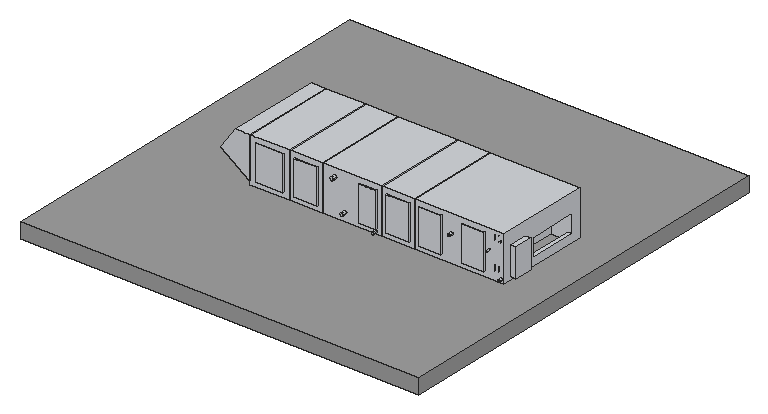
Revit family
Parameters (values of type "8 Row CW")
  Wheel Size [instance] = ""
  Voltage = 480 V
  Unit Weight (lbs) = 3319  # constant formula
  URL = "http://www.appliedair.com"
  Total Static Pressure [instance] = 0.00 in-wg
  Total Heating Capacity [instance] = 0.0 Btu/h
  Total Cooling Capacity [instance] = 0.0 Btu/h
  Temperature Rise [instance] = 0 °F
  Supply Air Pressure Drop [instance] = 0.00 in-wg
  Supply Air Outlet Flow [instance] = 0 CFM
  Supply Air Inlet Flow [instance] = 0 CFM
  Series = "IFL"
  Return Coil Horizontal Offset = 0' - 10"
  Return Air Inlet Flow [instance] = 0 CFM
  Return Air Flow Height = 1' - 8"
  Product URL = "http://www.appliedair.com/ifl.asp"
  Power Vertical Offset = 1' - 2 1/4"
  Power Horizontal Offset = 2' - 6"
  Power Connection Radius = 0' - 0 3/4"
  Phase = 3
  Output Heat [instance] = 0.0 Btu/h
  OmniClass = "23-75 10 24 21 27 17"
  Number of Rows = 8
  Number of Poles = 3
  Nominal Width = 6' - 4"  # constant formula
  Nominal Length = 18' - 11 5/16"  # constant formula
  Nominal Height = 3' - 0"  # constant formula
  Motor Horsepower (HP) [instance] = 0
  Motor Brake Horsepower (BHP) [instance] = 0
  Motor Amps [instance] = 0 A
  Model = "20"
  Minimum Input [instance] = 0.0 Btu/h
  Minimum Air Flow = 1500 CFM
  Maximum Input [instance] = 0.0 Btu/h
  Maximum Air Flow = 5000 CFM
  Manufacturer = "Applied Air"
  M = 3' - 4"  # constant formula
  L = 1' - 2 1/2"  # constant formula
  K = 2' - 4 11/16"  # constant formula
  J = 0' - 6 3/8"  # constant formula
  Heating Leaving Water Temperature [instance] = 0 °F
  Heating Leaving Air Temperature Wet Bulb [instance] = 0 °F
  Heating Leaving Air Temperature Dry Bulb [instance] = 0 °F
  Heating Entering Water Temperature [instance] = 0 °F
  Heating Entering Air Temperature Wet Bulb [instance] = 0 °F
  Heating Entering Air Temperature Dry Bulb [instance] = 0 °F
  Gas Vertical Offset = 1' - 9"  # constant formula
  Gas Horizontal Offset = 0' - 11 1/2"
  Gas Connection Radius = 0' - 0 3/8"  # constant formula
  Condensate Drain Vertical Offset = 0' - 2 3/4"
  Condensate Drain Radius = 0' - 0 3/4"  # constant formula
  Gas Pressure Drop [instance] = 0.00 psi
  Gas Input [instance] = 0.0 Btu/h
  Condensate Drain Horizontal Offset = 0' - 1 27/32"
  Gas Flow [instance] = 0 GPM
  Condensate Drain Connection Radius = Condensate Drain Radius  # 0' - 0 3/4"
  Furnace Size [instance] = ""
  Frequency = 60 Hz
  Fan Speed (RPM) [instance] = 0
  Face Velocity (FPM) [instance] = 0
  Face Pressure Drop [instance] = 0' - 0"
  Drain Pressure Drop [instance] = 0.00 psi
  Drain Flow [instance] = 0 GPM
  Description = "Dedicated Outside Air Split System"
  Cooling Sensible Capacity [instance] = 0 Btu/h
  Cooling Leaving Air Temperature Wet Bulb [instance] = 0 °F
  Cooling Leaving Air Temperature Dry Bulb [instance] = 0 °F
  Cooling Entering Air Temperature Wet Bulb [instance] = 0 °F
  Cooling Entering Air Temperature Dry Bulb [instance] = 0 °F
  Cooling Coil Radius = 0' 2 1/2" / 2  # 0' - 1 1/4"
  H = 0' - 3 1/16"
  G = 1' - 11 5/16"
  Drain Vertical Offset = 0' - 2"
  Drain Radius = 0' - 1"
  Drain Horizontal Offset = 0' - 5"
  Default Elevation = 0' - 0"
  F = 2' - 2"
  E = 4' - 0"
  D = 5' - 4"
  Combustion Air Flow [instance] = 0 CFM
  Coils Depth = 0' - 3"
  Coil Face Area = if(Choose Coil Option = 1, 6.00 SF, if(Choose Coil Option = 2, 10.50 SF, 0.00 SF))  # 10.50 SF
  Choose Coil Option = 2
  Chilled Water Pressure [instance] = 0.00 in-wg
  Chilled Water Flow [instance] = 0 GPM
  Coils Vertical Offsets = 0' - 6 143/256"
  Supply Coil Horizontal Offset = 1' - 6"
  Burner Amps [instance] = 0 A
  B = 6' - 0"
  Assembly Code = "D3030200"
  Apparent Power [instance] = (Motor Amps + Burner Amps) * Voltage * sqrt(3)  # 0 VA
  AHU Material = Galvanized Steel
  24x63 CW Coils = Choose Coil Option = 2  # yes
  24x36 CW Coils = Choose Coil Option = 1  # no
Reference planes (in)
  plane 1 "Center (Front/Back)": y = 0
  plane 2: z = -0.00391
  plane 3 "Center (Left/Right)": x = 0
  plane 4: y = 38
  plane 5: y = -38
  plane 6: x = -24
  plane 7: x = 24
  plane 8: x = 50
  plane 9: z = 35.99609
  plane 10: x = 122
  plane 11: x = -50
  plane 12: x = -82
  plane 13: x = -105.3125
  plane 14: x = -14
  plane 15: x = -6
  plane 16: z = 6.55469
  plane 17: z = 29.4375
  plane 18: y = -41
  plane 19: x = 19
  plane 20: z = 1.99609
  plane 21: x = 80
  plane 22: z = 21.74609
  plane 23: z = 2.74609
  plane 24: x = 120.15625
  plane 25: x = 110.5
  plane 26: z = 20.99609
Forms (in)
  Extrusion 1, solid, material "Default"
    sketch origin (0, 0, 0) x (1, 0, 0) y (0, 1, 0)
      loop
        line (-164.84185, 166) -> (-164.84185, -165.6411) -> (155.35983, -165.6411) -> (155.35983, 166) -> (-164.84185, 166)
    from -0.00391 to -12
  Extrusion 2, solid
    sketch origin (0.62705, 0, 0) x (1, 0, 0) y (0, 0, 1)
      loop
        line (-24.62705, 0) -> (23.37295, 0) -> (23.37295, 35.99609) -> (-24.62705, 35.99609) -> (-24.62705, 0)
    from -38 to 38
  Extrusion 3, solid
    sketch origin (66.62705, 0, 0) x (1, 0, 0) y (0, 0, 1)
      loop
        line (-42.62705, 0) -> (-16.62705, 0) -> (-16.62705, 35.99609) -> (-42.62705, 35.99609) -> (-42.62705, 0)
    from -38 to 38
  Extrusion 4, solid
    sketch origin (120.62705, 0, 0) x (1, 0, 0) y (0, 0, 1)
      loop
        line (-70.62705, 0) -> (1.37295, 0) -> (1.37295, 35.99609) -> (-70.62705, 35.99609) -> (-70.62705, 0)
    from -38 to 38
  Extrusion 5, solid
    sketch origin (-17.37295, 0, 0) x (1, 0, 0) y (0, 0, 1)
      loop
        line (-32.62705, -0.00391) -> (-6.62705, -0.00391) -> (-6.62705, 35.99609) -> (-32.62705, 35.99609) -> (-32.62705, -0.00391)
    from -38 to 38
  Extrusion 6, solid
    sketch origin (-41.37295, 0, 0) x (1, 0, 0) y (0, 0, 1)
      loop
        line (-40.62705, -0.00391) -> (-8.62705, -0.00391) -> (-8.62705, 35.99609) -> (-40.62705, 35.99609) -> (-40.62705, -0.00391)
    from -38 to 38
  Extrusion 7, solid
    sketch origin (0, 0, 0) x (1, 0, 0) y (0, 0, 1)
      loop
        line (-105.3125, 18.99609) -> (-82, 2.99609) -> (-82, 35.99609) -> (-93.64494, 35.99609) -> (-105.3125, 18.99609)
    from -38 to 38
  Extrusion 8, void
    sketch origin (0, 0, 0) x (1, 0, 0) y (0, 1, 0)
      loop
        line (-75, 32) -> (-75, -32) -> (-55, -32) -> (-55, 32) -> (-75, 32)
    from 0 to 31.59567
  Extrusion 9, void
    sketch origin (0, 0, 0) x (0, 1, 0) y (0, 0, 1)
      loop
        line (-32, 9) -> (32, 9) -> (32, 29) -> (-32, 29) -> (-32, 9)
    from -55 to -94.13707
  Extrusion 10, void
    sketch origin (0, 0, 0) x (1, 0, 0) y (0, 0, 1)
      loop
        line (-102.50827, 17.06733) -> (-86.01841, 5.7538) -> (-77.78066, 17.7606) -> (-94.27052, 29.07414) -> (-102.50827, 17.06733)
    from -32 to 32
  Extrusion 11, void
    sketch origin (0, 0, 0) x (1, 0, 0) y (0, 1, 0)
      loop
        line (118.9375, -9.3125) -> (118.9375, 30.6875) -> (104.4375, 30.6875) -> (104.4375, -9.3125) -> (118.9375, -9.3125)
    from 0 to 21.23232
  Extrusion 12, void
    sketch origin (0, 0, 0) x (1, 0, 0) y (0, 0, 1)
      loop
        line (122, 6.37109) -> (122, 20.87109) -> (104.4375, 20.87109) -> (104.4375, 6.37109) -> (122, 6.37109)
    from -30.6875 to 9.3125
  Extrusion 13, solid
    sketch origin (0, 0, 0) x (1, 0, 0) y (0, 1, 0)
      loop
        line (122, -17) -> (122, -32) -> (127, -32) -> (127, -17) -> (122, -17)
    from 3.06225 to 25.87762
  Extrusion 14, solid
    sketch origin (0, 0, 0) x (1, 0, 0) y (0, 0, 1)
      loop
        circle (-6, 6.55469) r 1.25
      loop
        circle (-14, 29.4375) r 1.25
      loop
        circle (19, 1.99609) r 1
      loop
        circle (80, 21.74609) r 0.75
      loop
        circle (120.15625, 2.74609) r 0.75
      loop
        circle (110.5, 20.99609) r 0.375
    from 38 to 41
  Extrusion 15, solid
    sketch origin (0, -38, 0) x (1, 0, 0) y (0, 0, 1)
      loop
        line (-55, 31.99609) -> (-77, 31.99609) -> (-77, 3.99609) -> (-55, 3.99609) -> (-55, 31.99609)
      loop
        line (-28, 31.99609) -> (-46, 31.99609) -> (-46, 3.99609) -> (-28, 3.99609) -> (-28, 31.99609)
      loop
        line (20, 31.99609) -> (6, 31.99609) -> (6, 3.99609) -> (20, 3.99609) -> (20, 31.99609)
      loop
        line (46, 31.99609) -> (28, 31.99609) -> (28, 3.99609) -> (46, 3.99609) -> (46, 31.99609)
      loop
        line (72, 31.99609) -> (54, 31.99609) -> (54, 3.99609) -> (72, 3.99609) -> (72, 31.99609)
      loop
        line (107, 31.99609) -> (89, 31.99609) -> (89, 3.99609) -> (107, 3.99609) -> (107, 31.99609)
    from 0 to 1
  Extrusion 16, void
    sketch origin (0, 0, 0) x (1, 0, 0) y (0, 0, 1)
      loop
        line (114.55215, 32.70523) -> (114.55215, 32.20523) -> (116.80215, 32.20523) -> (116.80215, 32.70523) -> (114.55215, 32.70523)
      loop
        line (117.55215, 32.70523) -> (117.55215, 32.20523) -> (119.80215, 32.20523) -> (119.80215, 32.70523) -> (117.55215, 32.70523)
      loop
        line (114.55215, 33.45523) -> (114.55215, 32.95523) -> (116.80215, 32.95523) -> (116.80215, 33.45523) -> (114.55215, 33.45523)
      loop
        line (117.55215, 33.45523) -> (117.55215, 32.95523) -> (119.80215, 32.95523) -> (119.80215, 33.45523) -> (117.55215, 33.45523)
      loop
        line (114.55215, 31.95523) -> (114.55215, 31.45523) -> (116.80215, 31.45523) -> (116.80215, 31.95523) -> (114.55215, 31.95523)
      loop
        line (117.55215, 31.95523) -> (117.55215, 31.45523) -> (119.80215, 31.45523) -> (119.80215, 31.95523) -> (117.55215, 31.95523)
      loop
        line (114.55215, 31.20523) -> (114.55215, 30.70523) -> (116.80215, 30.70523) -> (116.80215, 31.20523) -> (114.55215, 31.20523)
      loop
        line (117.55215, 31.20523) -> (117.55215, 30.70523) -> (119.80215, 30.70523) -> (119.80215, 31.20523) -> (117.55215, 31.20523)
      loop
        line (114.55215, 30.45523) -> (114.55215, 29.95523) -> (116.80215, 29.95523) -> (116.80215, 30.45523) -> (114.55215, 30.45523)
      loop
        line (117.55215, 30.45523) -> (117.55215, 29.95523) -> (119.80215, 29.95523) -> (119.80215, 30.45523) -> (117.55215, 30.45523)
      loop
        line (114.55215, 29.70523) -> (114.55215, 29.20523) -> (116.80215, 29.20523) -> (116.80215, 29.70523) -> (114.55215, 29.70523)
      loop
        line (117.55215, 29.70523) -> (117.55215, 29.20523) -> (119.80215, 29.20523) -> (119.80215, 29.70523) -> (117.55215, 29.70523)
      loop
        line (114.55215, 7.78696) -> (116.80215, 7.78696) -> (116.80215, 8.28696) -> (114.55215, 8.28696) -> (114.55215, 7.78696)
      loop
        line (117.55215, 7.78696) -> (119.80215, 7.78696) -> (119.80215, 8.28696) -> (117.55215, 8.28696) -> (117.55215, 7.78696)
      loop
        line (114.55215, 7.03696) -> (116.80215, 7.03696) -> (116.80215, 7.53696) -> (114.55215, 7.53696) -> (114.55215, 7.03696)
      loop
        line (117.55215, 7.03696) -> (119.80215, 7.03696) -> (119.80215, 7.53696) -> (117.55215, 7.53696) -> (117.55215, 7.03696)
      loop
        line (114.55215, 8.53696) -> (116.80215, 8.53696) -> (116.80215, 9.03696) -> (114.55215, 9.03696) -> (114.55215, 8.53696)
      loop
        line (117.55215, 8.53696) -> (119.80215, 8.53696) -> (119.80215, 9.03696) -> (117.55215, 9.03696) -> (117.55215, 8.53696)
      loop
        line (114.55215, 9.28696) -> (116.80215, 9.28696) -> (116.80215, 9.78696) -> (114.55215, 9.78696) -> (114.55215, 9.28696)
      loop
        line (117.55215, 9.28696) -> (119.80215, 9.28696) -> (119.80215, 9.78696) -> (117.55215, 9.78696) -> (117.55215, 9.28696)
      loop
        line (114.55215, 10.03696) -> (116.80215, 10.03696) -> (116.80215, 10.53696) -> (114.55215, 10.53696) -> (114.55215, 10.03696)
      loop
        line (117.55215, 10.03696) -> (119.80215, 10.03696) -> (119.80215, 10.53696) -> (117.55215, 10.53696) -> (117.55215, 10.03696)
      loop
        line (114.55215, 10.78696) -> (116.80215, 10.78696) -> (116.80215, 11.28696) -> (114.55215, 11.28696) -> (114.55215, 10.78696)
      loop
        line (117.55215, 10.78696) -> (119.80215, 10.78696) -> (119.80215, 11.28696) -> (117.55215, 11.28696) -> (117.55215, 10.78696)
    from 32 to 38
Cuts and joins
  Extrusion 8, Extrusion 9 cuts Extrusion 6
  Extrusion 9 cuts Extrusion 2
  Extrusion 9 cuts Extrusion 3
  Extrusion 9, Extrusion 10 cuts Extrusion 7
  Extrusion 11, Extrusion 12, Extrusion 16 cuts Extrusion 4
Dimensions and locks (in)
  "Nominal Width": plane 5 to plane 4
  "E": plane 6 to plane 7
  equal spacing: plane 6, plane 3 "Center (Left/Right)", plane 7
  "Nominal Height": plane 9 to plane 2
  "F": plane 7 to plane 8
  "F": plane 11 to plane 6
  locked: plane 12 to plane 11 at 32
  "B": plane 8 to plane 10
  "G": plane 13 to plane 12
  "D": Extrusion 8 sketch curve to Extrusion 8 sketch curve
  locked: Extrusion 8 sketch curve to Extrusion 8 sketch curve at 20
  locked: Extrusion 9 sketch curve to Extrusion 9 sketch curve at 20
  "D": Extrusion 9 sketch curve to Extrusion 9 sketch curve
  locked: level to Extrusion 9 sketch curve at 9
  "K": plane 5 to Extrusion 11 sketch curve
  "M": Extrusion 11 sketch curve to Extrusion 11 sketch curve
  "H": Extrusion 11 sketch curve to plane 10
  "L": Extrusion 11 sketch curve to Extrusion 11 sketch curve
  "J": Extrusion 12 sketch curve to plane 2
  "L": Extrusion 12 sketch curve to Extrusion 12 sketch curve
  "K": cut or joined group of Extrusion 4, Extrusion 11, Extrusion 12, Extrusion 16 to plane 5
  "M": cut or joined group of Extrusion 4, Extrusion 11, Extrusion 12, Extrusion 16 to cut or joined group of Extrusion 4, Extrusion 11, Extrusion 12, Extrusion 16
  locked: plane 9 to Extrusion 13 at 10.11847
  locked: Extrusion 13 to Extrusion 13 at 22.81538
  locked: Extrusion 13 to plane 2 at 3.06615
  locked: Extrusion 13 to Extrusion 13 at 5
  "Coils Depth": plane 18 to plane 5
  "Coils Vertical Offsets": plane 16 to plane 2
  "Coils Vertical Offsets": plane 9 to plane 17
  "Return Coil Horizontal Offset": plane 6 to plane 14
  "Supply Coil Horizontal Offset": plane 6 to plane 15
  "Drain Vertical Offset": plane 20 to plane 2
  "Drain Horizontal Offset": plane 19 to plane 7
  locked: plane 12 to Extrusion 15 sketch curve at 5
  locked: Extrusion 15 sketch curve to plane 11 at 5
  locked: plane 9 to Extrusion 15 sketch curve at 4  (x6)
  locked: Extrusion 15 sketch curve to plane 2 at 4  (x6)
  locked: plane 11 to Extrusion 15 sketch curve at 4
  locked: Extrusion 15 sketch curve to plane 6 at 4
  locked: plane 6 to Extrusion 15 sketch curve at 30
  locked: Extrusion 15 sketch curve to plane 7 at 4
  locked: plane 7 to Extrusion 15 sketch curve at 4
  locked: Extrusion 15 sketch curve to plane 8 at 4
  locked: plane 8 to Extrusion 15 sketch curve at 4
  locked: Extrusion 15 sketch curve to Extrusion 15 sketch curve at 17
  locked: Extrusion 15 sketch curve to plane 10 at 15
  "Power Vertical Offset": plane 9 to plane 22
  "Power Horizontal Offset": plane 8 to plane 21
  locked: Extrusion 15 to plane 5 at 1
  "Condensate Drain Vertical Offset": plane 23 to plane 2
  plane 13 to plane 10 = 18' - 11 5/16"
  "Condensate Drain Horizontal Offset": plane 24 to plane 10
  "Gas Vertical Offset": plane 26 to plane 2
  "Gas Horizontal Offset": plane 25 to plane 10
  locked: Extrusion 14 sketch curve to plane 14 at 0
  locked: Extrusion 14 sketch curve to plane 15 at 0
  locked: Extrusion 14 sketch curve to plane 19 at 0
  locked: Extrusion 14 sketch curve to plane 21 at 0
  locked: Extrusion 14 sketch curve to plane 25 at 0
  locked: Extrusion 14 sketch curve to plane 23 at 0
  locked: Extrusion 14 sketch curve to plane 24 at 0
  locked: Extrusion 14 sketch curve to plane 20 at 0
  locked: Extrusion 14 sketch curve to plane 16 at 0
  locked: Extrusion 14 sketch curve to plane 26 at 0
  locked: Extrusion 14 sketch curve to plane 22 at 0
  locked: Extrusion 14 sketch curve to plane 17 at 0
  "Cooling Coil Radius": radius of Extrusion 14 sketch curve  (x2)
  "Drain Radius": radius of Extrusion 14 sketch curve
  "Power Connection Radius": radius of Extrusion 14 sketch curve
  "Condensate Drain Connection Radius": radius of Extrusion 14 sketch curve
  "Gas Connection Radius": radius of Extrusion 14 sketch curve
  aligned and locked: plane 2 to Extrusion 1
  aligned and locked: Extrusion 2 to plane 4
  aligned and locked: plane 5 to Extrusion 2
  aligned and locked: plane 6 to Extrusion 2
  aligned and locked: plane 7 to Extrusion 2
  aligned and locked: plane 7 to Extrusion 3
  aligned and locked: Extrusion 3 to plane 8
  aligned and locked: plane 9 to Extrusion 2
  aligned and locked: Extrusion 3 to Extrusion 2
  aligned and locked: plane 5 to Extrusion 3
  aligned and locked: Extrusion 3 to plane 4
  aligned and locked: Extrusion 4 to plane 9
  aligned and locked: plane 8 to Extrusion 4
  aligned and locked: Extrusion 4 to plane 10
  aligned and locked: plane 5 to Extrusion 4
  aligned and locked: Extrusion 4 to plane 4
  aligned and locked: Extrusion 5 to plane 6
  aligned and locked: plane 11 to Extrusion 5
  aligned and locked: Extrusion 5 to plane 9
  aligned and locked: Extrusion 5 to plane 2
  aligned and locked: Extrusion 5 to plane 4
  aligned and locked: plane 5 to Extrusion 5
  aligned and locked: plane 5 to Extrusion 6
  aligned and locked: Extrusion 6 to plane 4
  aligned and locked: plane 12 to Extrusion 6
  aligned and locked: Extrusion 6 to plane 11
  aligned and locked: Extrusion 6 to plane 9
  aligned and locked: Extrusion 6 to plane 2
  aligned and locked: Extrusion 7 to plane 9
  aligned and locked: plane 13 to Extrusion 7
  aligned and locked: Extrusion 7 to plane 12
  aligned and locked: Extrusion 7 to plane 4
  aligned and locked: plane 5 to Extrusion 7
  aligned and locked: cut or joined group of Extrusion 6, Extrusion 8, Extrusion 9 to Extrusion 9 sketch curve
  aligned and locked: cut or joined group of Extrusion 6, Extrusion 8, Extrusion 9 to Extrusion 9
  aligned and locked: cut or joined group of Extrusion 6, Extrusion 8, Extrusion 9 to Extrusion 10  (x2)
  aligned and locked: Extrusion 11 to level
  aligned and locked: cut or joined group of Extrusion 4, Extrusion 11, Extrusion 12, Extrusion 16 to Extrusion 12 sketch curve
  aligned and locked: plane 10 to Extrusion 12 sketch curve
  aligned and locked: plane 10 to Extrusion 13
  aligned and locked: plane 5 to Extrusion 14
  aligned and locked: plane 18 to Extrusion 14
  aligned and locked: Extrusion 15 to plane 5
  aligned and locked: cut or joined group of Extrusion 4, Extrusion 11, Extrusion 12, Extrusion 16 to plane 5
Automatic sketch dimensions
  Extrusion 1 sketch curve to Extrusion 1 sketch curve = 26' - 8.20168"
  Extrusion 1 sketch curve to Extrusion 1 sketch curve = 27' - 7.6411"
  Extrusion 2 sketch curve to level = 0' - 0"
  Extrusion 2 sketch curve to plane 6 = 0' - 0"
  Extrusion 2 sketch curve to plane 7 = 0' - 0"
  Extrusion 2 sketch curve to plane 9 = 0' - 0"
  Extrusion 3 sketch curve to level = 0' - 0"
  Extrusion 3 sketch curve to plane 7 = 0' - 0"
  Extrusion 3 sketch curve to plane 8 = 0' - 0"
  Extrusion 3 sketch curve to plane 9 = 0' - 0"
  Extrusion 4 sketch curve to level = 0' - 0"
  Extrusion 4 sketch curve to plane 8 = 0' - 0"
  Extrusion 4 sketch curve to plane 9 = 0' - 0"
  Extrusion 4 sketch curve to plane 10 = 0' - 0"
  Extrusion 5 sketch curve to plane 2 = 0' - 0"
  Extrusion 5 sketch curve to plane 11 = 0' - 0"
  Extrusion 5 sketch curve to plane 6 = 0' - 0"
  Extrusion 5 sketch curve to plane 9 = 0' - 0"
  Extrusion 6 sketch curve to plane 2 = 0' - 0"
  Extrusion 6 sketch curve to plane 12 = 0' - 0"
  Extrusion 6 sketch curve to plane 9 = 0' - 0"
  Extrusion 6 sketch curve to plane 11 = 0' - 0"
  Extrusion 7 sketch curve to plane 13 = 0' - 0"
  Extrusion 7 sketch curve to plane 9 = 0' - 0"
  Extrusion 7 sketch curve to plane 12 = 0' - 0"
  plane 12 to Extrusion 7 sketch curve = 0' - 11.64494"
  plane 17 to Extrusion 7 sketch curve = 0' - 10 113/256"
  Extrusion 8 sketch curve to plane 12 = 0' - 7"
  Extrusion 8 sketch curve to plane 5 = 0' - 6"
  Extrusion 10 sketch curve to plane 13 = 0' - 2.80423"
  plane 17 to Extrusion 10 sketch curve = 0' - 0.36336"
  Extrusion 10 sketch curve to plane 13 = 0' - 11.04198"
  plane 16 to Extrusion 10 sketch curve = 0' - 0.80089"
  Extrusion 10 sketch curve to Extrusion 10 sketch curve = 1' - 4.48986"
  Extrusion 13 sketch curve to plane 10 = 0' - 0"
  Extrusion 13 sketch curve to plane 10 = 0' - 5"
  Extrusion 13 sketch curve to plane 5 = 0' - 6"
  Extrusion 13 sketch curve to Extrusion 13 sketch curve = 1' - 3"
  Extrusion 15 sketch curve to Extrusion 15 sketch curve = 1' - 6"
  Extrusion 16 sketch curve to plane 17 = 0' - 3.26773"
  plane 10 to Extrusion 16 sketch curve = 0' - 7.44785"  (x2)
  Extrusion 16 sketch curve to Extrusion 16 sketch curve = 0' - 0"  (x37)
  plane 17 to Extrusion 16 sketch curve = 0' - 0.23227"  (x2)
  Extrusion 16 sketch curve to Extrusion 16 sketch curve = 0' - 2 1/4"  (x3)
  Extrusion 16 sketch curve to Extrusion 16 sketch curve = 0' - 0 3/4"  (x4)
  plane 10 to Extrusion 16 sketch curve = 0' - 2.19785"  (x3)
  plane 22 to Extrusion 16 sketch curve = 0' - 10.45913"
  Extrusion 16 sketch curve to Extrusion 16 sketch curve = 0' - 0 1/2"  (x21)
  Extrusion 16 sketch curve to Extrusion 16 sketch curve = 0' - 0 1/4"  (x20)
  Extrusion 16 sketch curve to plane 17 = 0' - 0.26773"  (x2)
Connectors (in)
  hvac at (-94.26232, 0, 11.41205), driven by "D", driven by "Return Air Flow Height", driven by "Supply Air Inlet Flow"
    settings: on cut or joined group of Extrusion 7, Extrusion 9, Extrusion 10, index 1
  hvac at (-65, 0, -0.00391), driven by "D", driven by "Return Air Flow Height", driven by "Return Air Inlet Flow"
    settings: on cut or joined group of Extrusion 6, Extrusion 8, Extrusion 9, index 2
  hvac at (111.6875, 10.6875, 0), driven by "M", driven by "L", driven by "Supply Air Outlet Flow"
    settings: on cut or joined group of Extrusion 4, Extrusion 11, Extrusion 12, Extrusion 16, index 3
  hvac at (122, 10.6875, 13.62109), driven by "M", driven by "L", driven by "Supply Air Outlet Flow"
    settings: on cut or joined group of Extrusion 4, Extrusion 11, Extrusion 12, Extrusion 16, index 4
  piping at (-14, -41, 29.4375), driven by "Cooling Coil Radius", driven by "Chilled Water Pressure", driven by "Chilled Water Flow"
    settings: on Extrusion 14, index 5
  piping at (-6, -41, 6.55469), driven by "Cooling Coil Radius", driven by "Chilled Water Flow", driven by "Chilled Water Pressure"
    settings: on Extrusion 14, index 6
  piping at (19, -41, 1.99609), driven by "Drain Radius", driven by "Drain Flow"
    settings: on Extrusion 14, index 7
  electrical at (80, -41, 21.74609), driven by "Number of Poles", driven by "Apparent Power", driven by "Voltage"
    settings: on Extrusion 14, index 8
  piping at (120.15625, -41, 2.74609), driven by "Condensate Drain Radius", driven by "Drain Flow", driven by "Gas Pressure Drop"
    settings: on Extrusion 14, index 9
  piping at (110.5, -41, 20.99609), driven by "Gas Connection Radius", driven by "Gas Flow", driven by "Gas Pressure Drop"
    settings: on Extrusion 14, index 10
